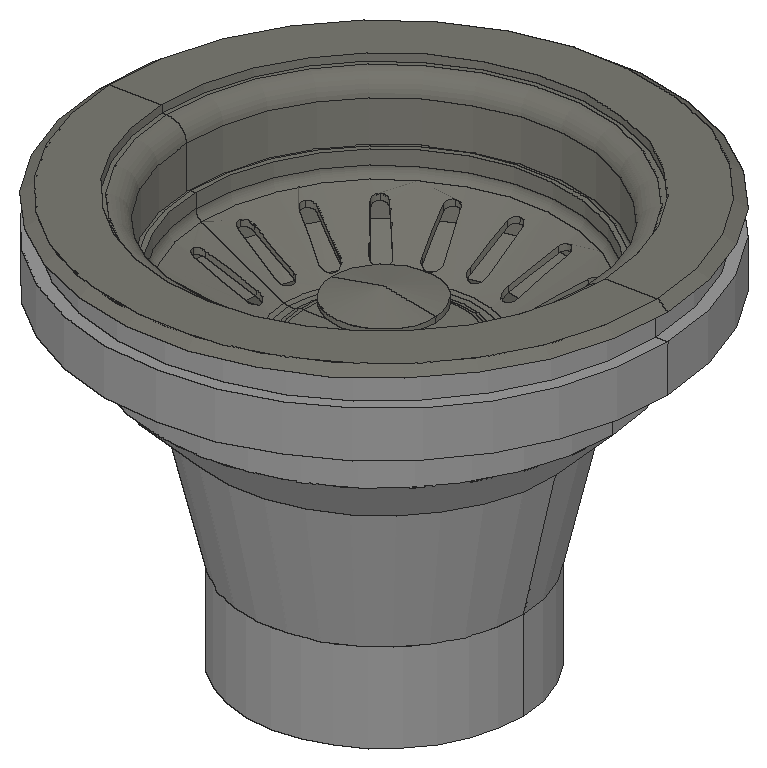
Revit family "ALMA-WSGM004-Angelo_Sink_Strainer-Gunmetal", category Generic Models, Revit 2026
Family settings
  Can host rebar = No
  Round Connector Dimension = Use Diameter
  Part Type = Normal
  Work Plane-Based = No
  Always vertical = Yes
  Cut with Voids When Loaded = No
  Maintain Annotation Orientation = No
  Shared = No
  Room Calculation Point = No
Parameters
  Width = 115 mm
  Tailpiece_Material = BM_MATTE WHITE
  Strainer_Material = BM_GUNMETAL
  Height = 85 mm
  Flange_Material = BM_MATTE BLACK
  Default Elevation = 0 mm
Reference planes
  plane 1 "Center (Front/Back)": y = 0
  plane 2: z = 0
  plane 3 "Center (Left/Right)": x = 0
  plane 4: z = 1.5
  plane 5: z = -83.5
  plane 6: x = -57.5
  plane 7: x = 57.5
  plane 8: y = 57.5
  plane 9: y = -57.5
  plane 10: y = 39.75
  plane 11: y = -39.75
  plane 12: x = 40
  plane 13: x = -40
Forms (mm)
  Revolve 1, solid, material "BM_MATTE WHITE" <- "Tailpiece_Material"
    sketch origin (0, 0, 0) x (1, 0, 0) y (0, 0, 1)
      loop
        line (-57.5, -5.5) -> (-57.5, -15) -> (-46.25, -15) -> (-46.25, -26.196) -> (-34.822, -37.623) -> (-28.232, -65.112) -> (-28.232, -83.5) -> (-26.732, -83.5) -> (-26.732, -64.935) -> (-33.462, -36.862) -> (-44.75, -25.574) -> (-44.75, -13.5) -> (-55, -13.5) -> (-55, -5.5) -> (-57.5, -5.5)
      axis (0, -83.5) -> (0, -5.5)
    angle from 0 to 360
  Revolve 2, solid, material "BM_MATTE BLACK" <- "Flange_Material"
    sketch origin (0, 0, 0) x (1, 0, 0) y (0, 0, 1)
      loop
        line (-52.5, -5.5) -> (-52.5, 0) -> (-55, 0) -> (-55, -5.5) -> (-52.5, -5.5)
      axis (0, -5.5) -> (0, 0)
    angle from 0 to 360
  Revolve 3, solid, material "BM_GUNMETAL" <- "Strainer_Material"
    sketch origin (0, 0, 0) x (1, 0, 0) y (0, 0, 1)
      loop
        line (-44.844, 0) -> (-44.844, 1.5) -> (-55.358, 1.5) -> (-57.5, 0) -> (-44.844, 0)
      axis (0, 1.5) -> (0, 0)
    angle from 0 to 360
  Revolve 4, solid, material "BM_GUNMETAL" <- "Strainer_Material"
    sketch origin (0, 0, 0) x (1, 0, 0) y (0, 0, 1)
      loop
        line (-41.5, -26.196) -> (-29.865, -37.623) -> (-13.75, -37.623) -> (-13.75, -36.123) -> (-29.247, -36.123) -> (-40, -25.574) -> (-40, -13.5) -> (-40, -3.878)
        arc (-40, -3.878) -> (-41.136, -1.136) -> (-43.878, 0) r 3.878
        line (-43.878, 0) -> (-45.362, 0) -> (-45.362, -1.5) -> (-43.878, -1.5)
        arc (-43.878, -1.5) -> (-42.196, -2.196) -> (-41.5, -3.878) r 2.378
        line (-41.5, -3.878) -> (-41.5, -13.5) -> (-41.5, -26.196)
      axis (0, -37.623) -> (0, 0)
    angle from 0 to 360
Text (mm)
  text "Refer to www.buildmat.com.au for the most current product literature. \nAllow a +/- 5mm tolerance for dimensions shown in the product literature. \nPlease note product details are subject to change due to ongoing product development." at (1.508, -179.138, 0), in view "Ref. Level"
Dimensions and locks
  "Height": plane 4 to plane 5
  "Width": plane 8 to plane 9
  equal spacing: plane 8, plane 1 "Center (Front/Back)", plane 9
  "Width": plane 6 to plane 7
  equal spacing: plane 6, plane 3 "Center (Left/Right)", plane 7
  plane 10 to plane 11 = 79.5 mm
  equal spacing: plane 10, plane 1 "Center (Front/Back)", plane 11
  equal spacing: plane 13, plane 3 "Center (Left/Right)", plane 12
  plane 13 to plane 12 = 80 mm
  aligned and locked: level to plane 2
Automatic sketch dimensions
  Revolve 1 sketch curve to plane 6 = 0 mm
  Revolve 1 sketch curve to plane 5 = 0 mm
  Revolve 1 sketch curve to plane 3 "Center (Left/Right)" = 0 mm
  plane 6 to Revolve 1 sketch curve = 2.5 mm
  plane 6 to Revolve 1 sketch curve = 11.25 mm
  Revolve 1 sketch curve to Revolve 1 sketch curve = 1.5 mm  (x3)
  Revolve 1 sketch curve to Revolve 1 sketch curve = 9.928 mm
  Revolve 1 sketch curve to Revolve 1 sketch curve = 1.36 mm
  Revolve 1 sketch curve to plane 3 "Center (Left/Right)" = 28.232 mm
  plane 5 to Revolve 1 sketch curve = 18.388 mm
  Revolve 1 sketch curve to Revolve 1 sketch curve = 0.177 mm
  Revolve 1 sketch curve to Revolve 1 sketch curve = 27.489 mm
  Revolve 1 sketch curve to Revolve 1 sketch curve = 0.761 mm
  Revolve 1 sketch curve to Revolve 1 sketch curve = 11.428 mm
  Revolve 1 sketch curve to Revolve 1 sketch curve = 0.621 mm
  Revolve 1 sketch curve to Revolve 1 sketch curve = 10.574 mm
  Revolve 1 sketch curve to level = 5.5 mm
  Revolve 1 sketch curve to plane 5 = 1.5 mm
  Revolve 1 sketch curve to level = 7 mm
  Revolve 2 sketch curve to level = 0 mm  (x2)
  Revolve 2 sketch curve to plane 3 "Center (Left/Right)" = 0 mm
  plane 6 to Revolve 2 sketch curve = 5 mm
  Revolve 2 sketch curve to Revolve 2 sketch curve = 2.5 mm
  Revolve 2 sketch curve to level = 5.5 mm  (x2)
  Revolve 3 sketch curve to level = 0 mm  (x2)
  Revolve 3 sketch curve to plane 6 = 0 mm
  Revolve 3 sketch curve to plane 4 = 0 mm
  Revolve 3 sketch curve to plane 3 "Center (Left/Right)" = 0 mm
  plane 6 to Revolve 3 sketch curve = 2.142 mm
  Revolve 3 sketch curve to Revolve 3 sketch curve = 10.514 mm
  Revolve 3 sketch curve to Revolve 3 sketch curve = 7 mm
  Revolve 4 sketch curve to Revolve 4 sketch curve = 0 mm  (x3)
  Revolve 4 sketch curve to level = 0 mm
  plane 13 to Revolve 4 sketch curve = 0 mm
  Revolve 4 sketch curve to plane 3 "Center (Left/Right)" = 0 mm
  Revolve 4 sketch curve to plane 4 = 0 mm
  plane 13 to Revolve 4 sketch curve = 1.5 mm
  Revolve 4 sketch curve to Revolve 4 sketch curve = 2.378 mm
  Revolve 4 sketch curve to Revolve 4 sketch curve = 1.485 mm
  Revolve 4 sketch curve to plane 13 = 10.135 mm
  Revolve 4 sketch curve to Revolve 4 sketch curve = 0.618 mm
  Revolve 4 sketch curve to plane 3 "Center (Left/Right)" = 13.75 mm
  Revolve 4 sketch curve to Revolve 4 sketch curve = 9.622 mm
  Revolve 4 sketch curve to Revolve 4 sketch curve = 12.074 mm
  Revolve 4 sketch curve to Revolve 4 sketch curve = 0.621 mm
  Revolve 4 sketch curve to Revolve 4 sketch curve = 10.549 mm
  Revolve 4 sketch curve to Revolve 4 sketch curve = 1.5 mm
  Revolve 4 sketch curve to Revolve 4 sketch curve = 2.377 mm
Nested families
  nested 1: "Angelo Sink Strainer-Gunmetal" at (0, 0, -13), type "BRUSHED GUNMETAL"
Definition of nested family "Angelo Sink Strainer-Gunmetal"
  Parameters (values of type "BRUSHED GUNMETAL")
    Strainer_Material = none
    SealRing_Material = none
    Default Elevation = 0 mm
  Reference planes
    plane 1 "Center (Front/Back)": y = 0
    plane 2: z = 0
    plane 3 "Center (Left/Right)": x = 0
    plane 4: x = -40
    plane 5: x = 40
    plane 6: z = 1
    plane 7: z = -2
    plane 8: z = -14
    plane 9: z = -18.324
    plane 10: z = -40.814
    plane 11: y = 40
    plane 12: y = -40
  Forms (mm)
    Revolve 1, solid, material <- "Strainer_Material"
      sketch origin (0, 0, 0) x (1, 0, 0) y (0, 0, 1)
        loop
          line (0, -14) -> (0, -12.513) -> (-16.254, -12.513)
          arc (-16.254, -12.513) -> (-16.716, -12.579) -> (-17.14, -12.772) r 1.644
          arc (-17.14, -12.772) -> (-17.513, -12.942) -> (-17.919, -13) r 1.445
          line (-17.919, -13) -> (-19.251, -13)
          arc (-19.251, -13) -> (-19.738, -12.941) -> (-20.197, -12.766) r 2.033
          line (-20.197, -12.766) -> (-36.931, -3.959)
          arc (-36.931, -3.959) -> (-37.759, -3.14) -> (-37.991, -2) r 2
          line (-37.991, -2) -> (-38.994, -2)
          arc (-38.994, -2) -> (-38.616, -3.658) -> (-37.397, -4.844) r 3
          line (-37.397, -4.844) -> (-20.356, -13.813)
          arc (-20.356, -13.813) -> (-19.988, -13.953) -> (-19.598, -14) r 1.626
          line (-19.598, -14) -> (0, -14)
        axis (0, -14) -> (0, -2)
      angle from 0 to 360
    Revolve 2, solid, material <- "Strainer_Material"
      sketch origin (0, 0, 0) x (1, 0, 0) y (0, 0, 1)
        loop
          line (-37.991, 1) -> (-38.96, 1)
          arc (-38.96, 1) -> (-39.689, 0.698) -> (-39.991, -0.032) r 1.032
          line (-39.991, -0.032) -> (-39.488, -2) -> (-37.991, -2) -> (-37.991, 1)
        axis (0, 1) -> (0, -2)
      angle from 0 to 360
    Revolve 3, solid, material <- "Strainer_Material"
      sketch origin (0, 0, 0) x (1, 0, 0) y (0, 0, 1)
        loop
          line (0, -2.513) -> (-10.5, -4.513) -> (-10.5, -5.513) -> (-4, -5.513) -> (-4, -10.513) -> (-5, -12.513) -> (0, -12.513) -> (0, -2.513)
        axis (0, -2.513) -> (0, -12.513)
      angle from 0 to 360
    Revolve 4, solid, material <- "SealRing_Material"
      sketch origin (0, 0, 0) x (1, 0, 0) y (0, 0, 1)
        loop
          line (0, -14) -> (-21, -14) -> (-21, -15) -> (-28, -15) -> (-28, -15.814) -> (-21, -15.814) -> (-21, -16.796) -> (-19, -16.796) -> (-19, -18.324) -> (-14, -18.324) -> (-14, -15.814) -> (0, -15.814) -> (0, -14)
        axis (0, -18.324) -> (0, -14)
      angle from 0 to 360
    Revolve 5, solid, material <- "Strainer_Material"
      sketch origin (0, 0, 2.51) x (1, 0, 0) y (0, 0, 1)
        loop
          line (0, -18.324) -> (-4, -18.324) -> (-4, -39.324)
          arc (-4, -39.324) -> (-2.828, -42.152) -> (0, -43.324) r 4
          line (0, -43.324) -> (0, -18.324)
        axis (0, -18.324) -> (0, -43.324)
      angle from 0 to 360
    Extrusion 6, void
      sketch origin (0, 0, 0) x (1, 0, 0) y (0, 1, 0)
        loop
          line (-1.558, 33.106) -> (-1.933, 24.06)
          arc (-1.933, 24.06) -> (-1.346, 22.581) -> (0.145, 22.028) r 1.955
          arc (0.145, 22.028) -> (1.448, 22.711) -> (1.931, 24.1) r 2
          line (1.931, 24.1) -> (1.559, 33.087)
          arc (1.559, 33.087) -> (1.071, 34.122) -> (-0.01, 34.496) r 1.473
          arc (-0.01, 34.496) -> (-1.077, 34.127) -> (-1.558, 33.106) r 1.453
      from -14 to 7.934
    Extrusion 7, void
      sketch origin (0, 0, 0) x (0.941511, 0.336983, 0) y (-0.336983, 0.941511, 0)
        loop
          line (-1.558, 33.106) -> (-1.933, 24.06)
          arc (-1.933, 24.06) -> (-1.346, 22.581) -> (0.145, 22.028) r 1.955
          arc (0.145, 22.028) -> (1.448, 22.711) -> (1.931, 24.1) r 2
          line (1.931, 24.1) -> (1.559, 33.087)
          arc (1.559, 33.087) -> (1.071, 34.122) -> (-0.01, 34.496) r 1.473
          arc (-0.01, 34.496) -> (-1.077, 34.127) -> (-1.558, 33.106) r 1.453
      from -14 to 7.934
    Extrusion 8, void
      sketch origin (0, 0, 0) x (0.939585, -0.342316, 0) y (0.342316, 0.939585, 0)
        loop
          line (-1.558, 33.106) -> (-1.933, 24.06)
          arc (-1.933, 24.06) -> (-1.346, 22.581) -> (0.145, 22.028) r 1.955
          arc (0.145, 22.028) -> (1.448, 22.711) -> (1.931, 24.1) r 2
          line (1.931, 24.1) -> (1.559, 33.087)
          arc (1.559, 33.087) -> (1.071, 34.122) -> (-0.01, 34.496) r 1.473
          arc (-0.01, 34.496) -> (-1.077, 34.127) -> (-1.558, 33.106) r 1.453
      from -14 to 7.934
    Extrusion 9, void
      sketch origin (0, 0, 0) x (0.765639, -0.64327, 0) y (0.64327, 0.765639, 0)
        loop
          line (-1.558, 33.106) -> (-1.933, 24.06)
          arc (-1.933, 24.06) -> (-1.346, 22.581) -> (0.145, 22.028) r 1.955
          arc (0.145, 22.028) -> (1.448, 22.711) -> (1.931, 24.1) r 2
          line (1.931, 24.1) -> (1.559, 33.087)
          arc (1.559, 33.087) -> (1.071, 34.122) -> (-0.01, 34.496) r 1.473
          arc (-0.01, 34.496) -> (-1.077, 34.127) -> (-1.558, 33.106) r 1.453
      from -14 to 7.934
    Extrusion 10, void
      sketch origin (0, 0, 0) x (0.499181, -0.866498, 0) y (0.866498, 0.499181, 0)
        loop
          line (-1.558, 33.106) -> (-1.933, 24.06)
          arc (-1.933, 24.06) -> (-1.346, 22.581) -> (0.145, 22.028) r 1.955
          arc (0.145, 22.028) -> (1.448, 22.711) -> (1.931, 24.1) r 2
          line (1.931, 24.1) -> (1.559, 33.087)
          arc (1.559, 33.087) -> (1.071, 34.122) -> (-0.01, 34.496) r 1.473
          arc (-0.01, 34.496) -> (-1.077, 34.127) -> (-1.558, 33.106) r 1.453
      from -14 to 7.934
    Extrusion 11, void
      sketch origin (0, 0, 0) x (0.172407, -0.985026, 0) y (0.985026, 0.172407, 0)
        loop
          line (-1.558, 33.106) -> (-1.933, 24.06)
          arc (-1.933, 24.06) -> (-1.346, 22.581) -> (0.145, 22.028) r 1.955
          arc (0.145, 22.028) -> (1.448, 22.711) -> (1.931, 24.1) r 2
          line (1.931, 24.1) -> (1.559, 33.087)
          arc (1.559, 33.087) -> (1.071, 34.122) -> (-0.01, 34.496) r 1.473
          arc (-0.01, 34.496) -> (-1.077, 34.127) -> (-1.558, 33.106) r 1.453
      from -14 to 7.934
    Extrusion 12, void
      sketch origin (0, 0, 0) x (-0.175199, -0.984533, 0) y (0.984533, -0.175199, 0)
        loop
          line (-1.558, 33.106) -> (-1.933, 24.06)
          arc (-1.933, 24.06) -> (-1.346, 22.581) -> (0.145, 22.028) r 1.955
          arc (0.145, 22.028) -> (1.448, 22.711) -> (1.931, 24.1) r 2
          line (1.931, 24.1) -> (1.559, 33.087)
          arc (1.559, 33.087) -> (1.071, 34.122) -> (-0.01, 34.496) r 1.473
          arc (-0.01, 34.496) -> (-1.077, 34.127) -> (-1.558, 33.106) r 1.453
      from -14 to 7.934
    Extrusion 13, void
      sketch origin (0, 0, 0) x (-0.501636, -0.865079, 0) y (0.865079, -0.501636, 0)
        loop
          line (-1.558, 33.106) -> (-1.933, 24.06)
          arc (-1.933, 24.06) -> (-1.346, 22.581) -> (0.145, 22.028) r 1.955
          arc (0.145, 22.028) -> (1.448, 22.711) -> (1.931, 24.1) r 2
          line (1.931, 24.1) -> (1.559, 33.087)
          arc (1.559, 33.087) -> (1.071, 34.122) -> (-0.01, 34.496) r 1.473
          arc (-0.01, 34.496) -> (-1.077, 34.127) -> (-1.558, 33.106) r 1.453
      from -14 to 7.934
    Extrusion 14, void
      sketch origin (0, 0, 0) x (-0.76746, -0.641097, 0) y (0.641097, -0.76746, 0)
        loop
          line (-1.558, 33.106) -> (-1.933, 24.06)
          arc (-1.933, 24.06) -> (-1.346, 22.581) -> (0.145, 22.028) r 1.955
          arc (0.145, 22.028) -> (1.448, 22.711) -> (1.931, 24.1) r 2
          line (1.931, 24.1) -> (1.559, 33.087)
          arc (1.559, 33.087) -> (1.071, 34.122) -> (-0.01, 34.496) r 1.473
          arc (-0.01, 34.496) -> (-1.077, 34.127) -> (-1.558, 33.106) r 1.453
      from -14 to 7.934
    Extrusion 15, void
      sketch origin (0, 0, 0) x (-0.940552, -0.339651, 0) y (0.339651, -0.940552, 0)
        loop
          line (-1.558, 33.106) -> (-1.933, 24.06)
          arc (-1.933, 24.06) -> (-1.346, 22.581) -> (0.145, 22.028) r 1.955
          arc (0.145, 22.028) -> (1.448, 22.711) -> (1.931, 24.1) r 2
          line (1.931, 24.1) -> (1.559, 33.087)
          arc (1.559, 33.087) -> (1.071, 34.122) -> (-0.01, 34.496) r 1.473
          arc (-0.01, 34.496) -> (-1.077, 34.127) -> (-1.558, 33.106) r 1.453
      from -14 to 7.934
    Extrusion 16, void
      sketch origin (0, 0, 0) x (-0.999996, 0.002835, 0) y (-0.002835, -0.999996, 0)
        loop
          line (-1.558, 33.106) -> (-1.933, 24.06)
          arc (-1.933, 24.06) -> (-1.346, 22.581) -> (0.145, 22.028) r 1.955
          arc (0.145, 22.028) -> (1.448, 22.711) -> (1.931, 24.1) r 2
          line (1.931, 24.1) -> (1.559, 33.087)
          arc (1.559, 33.087) -> (1.071, 34.122) -> (-0.01, 34.496) r 1.473
          arc (-0.01, 34.496) -> (-1.077, 34.127) -> (-1.558, 33.106) r 1.453
      from -14 to 7.934
    Extrusion 17, void
      sketch origin (0, 0, 0) x (-0.93861, 0.344979, 0) y (-0.344979, -0.93861, 0)
        loop
          line (-1.558, 33.106) -> (-1.933, 24.06)
          arc (-1.933, 24.06) -> (-1.346, 22.581) -> (0.145, 22.028) r 1.955
          arc (0.145, 22.028) -> (1.448, 22.711) -> (1.931, 24.1) r 2
          line (1.931, 24.1) -> (1.559, 33.087)
          arc (1.559, 33.087) -> (1.071, 34.122) -> (-0.01, 34.496) r 1.473
          arc (-0.01, 34.496) -> (-1.077, 34.127) -> (-1.558, 33.106) r 1.453
      from -14 to 7.934
    Extrusion 18, void
      sketch origin (0, 0, 0) x (-0.763812, 0.645438, 0) y (-0.645438, -0.763812, 0)
        loop
          line (-1.558, 33.106) -> (-1.933, 24.06)
          arc (-1.933, 24.06) -> (-1.346, 22.581) -> (0.145, 22.028) r 1.955
          arc (0.145, 22.028) -> (1.448, 22.711) -> (1.931, 24.1) r 2
          line (1.931, 24.1) -> (1.559, 33.087)
          arc (1.559, 33.087) -> (1.071, 34.122) -> (-0.01, 34.496) r 1.473
          arc (-0.01, 34.496) -> (-1.077, 34.127) -> (-1.558, 33.106) r 1.453
      from -14 to 7.934
    Extrusion 19, void
      sketch origin (0, 0, 0) x (-0.496722, 0.867909, 0) y (-0.867909, -0.496722, 0)
        loop
          line (-1.558, 33.106) -> (-1.933, 24.06)
          arc (-1.933, 24.06) -> (-1.346, 22.581) -> (0.145, 22.028) r 1.955
          arc (0.145, 22.028) -> (1.448, 22.711) -> (1.931, 24.1) r 2
          line (1.931, 24.1) -> (1.559, 33.087)
          arc (1.559, 33.087) -> (1.071, 34.122) -> (-0.01, 34.496) r 1.473
          arc (-0.01, 34.496) -> (-1.077, 34.127) -> (-1.558, 33.106) r 1.453
      from -14 to 7.934
    Extrusion 20, void
      sketch origin (0, 0, 0) x (-0.169613, 0.985511, 0) y (-0.985511, -0.169613, 0)
        loop
          line (-1.558, 33.106) -> (-1.933, 24.06)
          arc (-1.933, 24.06) -> (-1.346, 22.581) -> (0.145, 22.028) r 1.955
          arc (0.145, 22.028) -> (1.448, 22.711) -> (1.931, 24.1) r 2
          line (1.931, 24.1) -> (1.559, 33.087)
          arc (1.559, 33.087) -> (1.071, 34.122) -> (-0.01, 34.496) r 1.473
          arc (-0.01, 34.496) -> (-1.077, 34.127) -> (-1.558, 33.106) r 1.453
      from -14 to 7.934
    Extrusion 21, void
      sketch origin (0, 0, 0) x (0.17799, 0.984032, 0) y (-0.984032, 0.17799, 0)
        loop
          line (-1.558, 33.106) -> (-1.933, 24.06)
          arc (-1.933, 24.06) -> (-1.346, 22.581) -> (0.145, 22.028) r 1.955
          arc (0.145, 22.028) -> (1.448, 22.711) -> (1.931, 24.1) r 2
          line (1.931, 24.1) -> (1.559, 33.087)
          arc (1.559, 33.087) -> (1.071, 34.122) -> (-0.01, 34.496) r 1.473
          arc (-0.01, 34.496) -> (-1.077, 34.127) -> (-1.558, 33.106) r 1.453
      from -14 to 7.934
    Extrusion 22, void
      sketch origin (0, 0, 0) x (0.504087, 0.863653, 0) y (-0.863653, 0.504087, 0)
        loop
          line (-1.558, 33.106) -> (-1.933, 24.06)
          arc (-1.933, 24.06) -> (-1.346, 22.581) -> (0.145, 22.028) r 1.955
          arc (0.145, 22.028) -> (1.448, 22.711) -> (1.931, 24.1) r 2
          line (1.931, 24.1) -> (1.559, 33.087)
          arc (1.559, 33.087) -> (1.071, 34.122) -> (-0.01, 34.496) r 1.473
          arc (-0.01, 34.496) -> (-1.077, 34.127) -> (-1.558, 33.106) r 1.453
      from -14 to 7.934
    Extrusion 23, void
      sketch origin (0, 0, 0) x (0.769275, 0.638918, 0) y (-0.638918, 0.769275, 0)
        loop
          line (-1.558, 33.106) -> (-1.933, 24.06)
          arc (-1.933, 24.06) -> (-1.346, 22.581) -> (0.145, 22.028) r 1.955
          arc (0.145, 22.028) -> (1.448, 22.711) -> (1.931, 24.1) r 2
          line (1.931, 24.1) -> (1.559, 33.087)
          arc (1.559, 33.087) -> (1.071, 34.122) -> (-0.01, 34.496) r 1.473
          arc (-0.01, 34.496) -> (-1.077, 34.127) -> (-1.558, 33.106) r 1.453
      from -14 to 7.934
    SweptBlend 24, solid, not visible
      path origin (0, 0, 0) x (1, 0, 0) y (0, 0, 1)
        loop
          line (135, 0) -> (135, 18)
      profile origin (135, 0, 0) x (-1, 0, 0) y (0, -1, 0)
        loop
          arc (3.432, 51.32) -> (3.786, 51.467) -> (3.932, 51.82) r 0.5
          line (3.932, 51.82) -> (3.932, 68.82)
          arc (3.932, 68.82) -> (3.786, 69.174) -> (3.432, 69.32) r 0.5
          line (3.432, 69.32) -> (-3.588, 69.32)
          arc (-3.588, 69.32) -> (-3.941, 69.174) -> (-4.088, 68.82) r 0.5
          line (-4.088, 68.82) -> (-4.088, 51.82)
          arc (-4.088, 51.82) -> (-3.941, 51.467) -> (-3.588, 51.32) r 0.5
          line (-3.588, 51.32) -> (3.432, 51.32)
      end profile origin (135, 0, 18) x (-1, 0, 0) y (0, -1, 0)
        loop
          arc (3.412, 50.32) -> (4.473, 50.76) -> (4.912, 51.82) r 1.5
          line (4.912, 51.82) -> (4.912, 68.82)
          arc (4.912, 68.82) -> (4.473, 69.881) -> (3.412, 70.32) r 1.5
          line (3.412, 70.32) -> (-3.588, 70.32)
          arc (-3.588, 70.32) -> (-4.648, 69.881) -> (-5.088, 68.82) r 1.5
          line (-5.088, 68.82) -> (-5.088, 51.82)
          arc (-5.088, 51.82) -> (-4.648, 50.76) -> (-3.588, 50.32) r 1.5
          line (-3.588, 50.32) -> (3.412, 50.32)
    Extrusion 25, void, not visible
      sketch origin (0, 0, 0) x (1, 0, 0) y (0, 0, 1)
        loop
          line (133.5, 18) -> (133.5, 1.544) -> (136.5, 1.544) -> (136.5, 18) -> (133.5, 18)
      from 52.015 to 68.5
  Cuts and joins
    Extrusion 6, Extrusion 7, Extrusion 8, Extrusion 9, Extrusion 10, Extrusion 11, Extrusion 12, Extrusion 13, Extrusion 14, Extrusion 15, Extrusion 16, Extrusion 17, Extrusion 18, Extrusion 19, Extrusion 20, Extrusion 21, Extrusion 22, Extrusion 23 cuts Revolve 1
    Extrusion 7, Extrusion 8, Extrusion 9, Extrusion 10, Extrusion 11, Extrusion 12, Extrusion 13, Extrusion 14, Extrusion 15, Extrusion 16, Extrusion 17, Extrusion 18, Extrusion 19, Extrusion 20, Extrusion 21, Extrusion 22, Extrusion 23 cuts Revolve 2
    joined: Revolve 1, Revolve 2
  Text (mm)
    text "Refer to www.buildmat.com.au for the most current product literature. \nAllow a +/- 5mm tolerance for dimensions shown in the product literature. \nPlease note product details are subject to change due to ongoing product development." at (1.508, -87.628, 0), in view "Ref. Level"
  Dimensions and locks
    plane 5 to plane 4 = 80 mm
    plane 11 to plane 12 = 80 mm
    equal spacing: plane 11, plane 1 "Center (Front/Back)", plane 12
    plane 4 to plane 5 = 80 mm
    equal spacing: plane 4, plane 3 "Center (Left/Right)", plane 5
    equal spacing: plane 5, plane 3 "Center (Left/Right)", plane 4
    plane 6 to plane 10 = 41.814 mm
    aligned and locked: level to plane 2
  Automatic sketch dimensions
    Revolve 1 sketch curve to Revolve 1 sketch curve = 0 mm  (x3)
    Revolve 1 sketch curve to plane 7 = 0 mm
    Revolve 1 sketch curve to plane 3 "Center (Left/Right)" = 0 mm  (x2)
    Revolve 1 sketch curve to plane 6 = 0 mm
    Revolve 1 sketch curve to plane 8 = 0.157 mm
    Revolve 1 sketch curve to plane 3 "Center (Left/Right)" = 16.254 mm
    Revolve 1 sketch curve to Revolve 1 sketch curve = 1.664 mm
    Revolve 1 sketch curve to Revolve 1 sketch curve = 1.332 mm
    Revolve 1 sketch curve to Revolve 1 sketch curve = 0.348 mm
    plane 8 to Revolve 1 sketch curve = 0.187 mm
    Revolve 1 sketch curve to Revolve 1 sketch curve = 0.757 mm
    Revolve 1 sketch curve to plane 7 = 0.189 mm
    plane 4 to Revolve 1 sketch curve = 4 mm
    Revolve 1 sketch curve to Revolve 1 sketch curve = 0.931 mm
    Revolve 1 sketch curve to Revolve 1 sketch curve = 0.466 mm
    Revolve 2 sketch curve to plane 7 = 0 mm
    Revolve 2 sketch curve to plane 6 = 0 mm  (x2)
    Revolve 2 sketch curve to plane 3 "Center (Left/Right)" = 0 mm
    plane 4 to Revolve 2 sketch curve = 2.009 mm
    Revolve 2 sketch curve to Revolve 2 sketch curve = 0.968 mm
    plane 4 to Revolve 2 sketch curve = 0.512 mm
    plane 4 to Revolve 2 sketch curve = 0.009 mm
    plane 8 to Revolve 2 sketch curve = 0 mm
    Revolve 3 sketch curve to plane 3 "Center (Left/Right)" = 0 mm  (x2)
    Revolve 3 sketch curve to plane 3 "Center (Left/Right)" = 4 mm
    Revolve 3 sketch curve to Revolve 3 sketch curve = 1 mm
    Revolve 3 sketch curve to Revolve 3 sketch curve = 6.5 mm
    Revolve 4 sketch curve to plane 8 = 0 mm  (x2)
    Revolve 4 sketch curve to plane 9 = 0 mm  (x2)
    Revolve 4 sketch curve to plane 3 "Center (Left/Right)" = 0 mm  (x2)
    Revolve 4 sketch curve to plane 3 "Center (Left/Right)" = 14 mm
    Revolve 4 sketch curve to Revolve 4 sketch curve = 5 mm
    Revolve 4 sketch curve to Revolve 4 sketch curve = 2 mm
    Revolve 4 sketch curve to Revolve 4 sketch curve = 0 mm
    Revolve 4 sketch curve to Revolve 4 sketch curve = 7 mm
    Revolve 4 sketch curve to Revolve 4 sketch curve = 0.982 mm
    Revolve 5 sketch curve to plane 3 "Center (Left/Right)" = 0 mm  (x2)
    Revolve 5 sketch curve to plane 10 = 0 mm  (x2)
    Revolve 5 sketch curve to Revolve 5 sketch curve = 0 mm
    Revolve 1 sketch curve to Revolve 1 sketch curve = 1.003 mm
    Revolve 3 sketch curve to plane 7 = 0.513 mm
    Revolve 3 sketch curve to Revolve 3 sketch curve = 0 mm  (x2)
    Revolve 1 sketch curve to Revolve 1 sketch curve = 1.991 mm
    plane 8 to Revolve 1 sketch curve = 1.234 mm
    Revolve 1 sketch curve to Revolve 1 sketch curve = 0.599 mm
    plane 8 to Revolve 1 sketch curve = 0 mm
    Revolve 1 sketch curve to Revolve 1 sketch curve = 0.626 mm
    plane 8 to Revolve 1 sketch curve = 1.487 mm
    Revolve 1 sketch curve to Revolve 1 sketch curve = 1.445 mm
    Revolve 3 sketch curve to plane 7 = 2.513 mm
    Revolve 3 sketch curve to plane 7 = 3.513 mm
    plane 8 to Revolve 3 sketch curve = 3.487 mm
    plane 8 to Revolve 3 sketch curve = 1.487 mm
    plane 9 to Revolve 4 sketch curve = 1.528 mm
    Revolve 4 sketch curve to plane 8 = 1.814 mm
    Revolve 4 sketch curve to Revolve 4 sketch curve = 0.814 mm
    Revolve 5 sketch curve to plane 8 = 1.814 mm
    Revolve 5 sketch curve to Revolve 5 sketch curve = 4 mm
